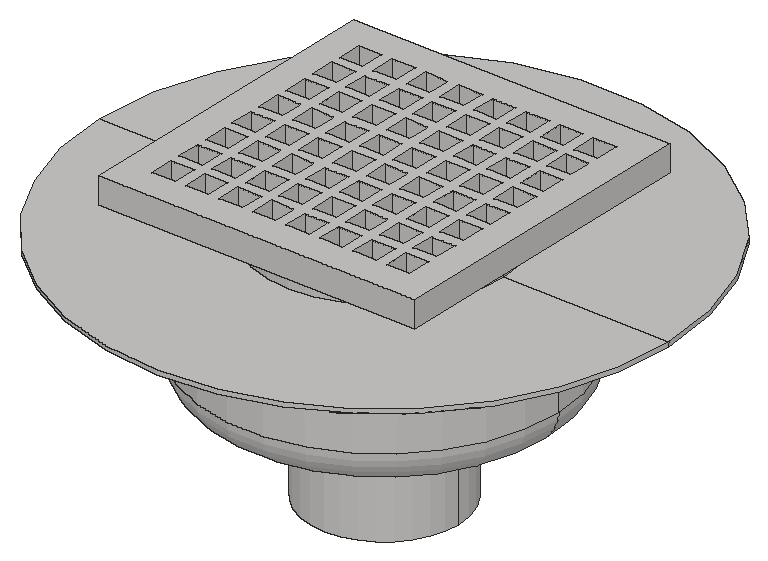
Revit family
Parameters (values of type "9600B05-02")
  Width = 9"
  Waste Connection Radius = 1"
  Waste Connection Diameter = Waste Connection Radius * 2  # 2"
  Waste Connection = yes
  Vent Connection = no
  URL = "www.jrsmith.com"
  Price = "Prices may vary. Please consult Manufacturer Representative for most up-to-date price list."  # constant formula
  Phone Number = "416-250-5656"  # constant formula
  Omniclass Table 23 Title = "Waste Water Drains"  # constant formula
  Omniclass Table 23 Code = "23.70.50.21.24"  # constant formula
  Nominal Height (1/2" min - 1-1/2" max) = 1"
  Model = "9600B05-2\""
  Material = Metal-Jay R Smith-Stainless Steel
  Masterformat Title = "Sanitary Drains"  # constant formula
  Masterformat Number = "22 13 19.13"  # constant formula
  Manufacturer = "Jay R. Smith"
  Length = Width  # 9"
  Height = 3 3/4"
  HW Connection = no
  Description = "General purpose floor drain with square adjustable strainer head for light duty use."
  Default Elevation = 0"
  Creation Date = "27/10/2014"  # constant formula
  Created By = "Allied Technical Services"  # constant formula
  CW Connection = no
  Assembly Code = "D2030300"
  ATS URL = "http://www.atsspec.net"
Types (4): name | Waste Connection Radius | Waste Connection Diameter | Model
  (no name) | 1" | 2" | "9600B05-2\""
  9600B05-02 | 1" | 2" | "9600B05-2\""
  9600B05-03 | 1 1/2" | 3" | "9600B05-3\""
  9600B05-04 | 2" | 4" | "9600B05-4\""
Reference planes (in)
  plane 1 "Center (Front/Back)": y = 0
  plane 2: z = 0
  plane 3 "Center (Left/Right)": x = 0
  plane 4: x = -4.5
  plane 5: x = 4.5
  plane 6: z = 3.75
  plane 7: x = -1
  plane 8: x = 1
  plane 9: z = 4.75
  plane 10: x = -2.5
  plane 11: x = 2.5
  plane 12: z = 4.4275
  plane 13: z = 4.34335
Forms (in)
  Revolve 1, solid, material "Metal-Jay R Smith-Stainless Steel" <- "Material"
    sketch origin (0, 0, 0) x (1, 0, 0) y (0, 0, 1)
      loop
        line (1, 0) -> (1.18, 0) -> (1.18, 1.56336) -> (2.22418, 1.56336)
        arc (2.22418, 1.56336) -> (2.59648, 1.74487) -> (2.75182, 2.12883) r 0.57812
        line (2.75182, 2.12883) -> (2.76561, 2.91907)
        arc (2.76561, 2.91907) -> (2.89178, 3.21261) -> (3.18748, 3.33358) r 0.42188
        line (3.18748, 3.33358) -> (3.89593, 3.33358) -> (4.5, 3.68234) -> (4.5, 3.75) -> (1.88476, 3.75) -> (1.88476, 4.4275) -> (1.743, 4.4275) -> (1.743, 3.41171) -> (2.69608, 3.41171) -> (2.67371, 2.13056)
        arc (2.67371, 2.13056) -> (2.54058, 1.79949) -> (2.22064, 1.64148) r 0.5
        line (2.22064, 1.64148) -> (1, 1.64148) -> (1, 0)
      axis (0, 0) -> (0, 4.4275)
    angle from 0 to 360
  Extrusion 2, solid, material "Metal-Jay R Smith-Stainless Steel" <- "Material"
    sketch origin (0, 0, 0) x (1, 0, 0) y (0, 1, 0)
      loop
        line (-1.5125, 2.0425) -> (-1.5125, 1.6675) -> (-1.1375, 1.6675) -> (-1.1375, 2.0425) -> (-1.5125, 2.0425)
      loop
        line (-1.1375, 1.1375) -> (-1.1375, 1.5125) -> (-1.5125, 1.5125) -> (-1.5125, 1.1375) -> (-1.1375, 1.1375)
      loop
        line (-1.1375, 0.6075) -> (-1.1375, 0.9825) -> (-1.5125, 0.9825) -> (-1.5125, 0.6075) -> (-1.1375, 0.6075)
      loop
        line (-1.1375, 0.0775) -> (-1.1375, 0.4525) -> (-1.5125, 0.4525) -> (-1.5125, 0.0775) -> (-1.1375, 0.0775)
      loop
        line (-0.9825, 2.0425) -> (-0.9825, 1.6675) -> (-0.6075, 1.6675) -> (-0.6075, 2.0425) -> (-0.9825, 2.0425)
      loop
        line (-0.6075, 1.1375) -> (-0.6075, 1.5125) -> (-0.9825, 1.5125) -> (-0.9825, 1.1375) -> (-0.6075, 1.1375)
      loop
        line (-0.6075, 0.6075) -> (-0.6075, 0.9825) -> (-0.9825, 0.9825) -> (-0.9825, 0.6075) -> (-0.6075, 0.6075)
      loop
        line (-0.6075, 0.0775) -> (-0.6075, 0.4525) -> (-0.9825, 0.4525) -> (-0.9825, 0.0775) -> (-0.6075, 0.0775)
      loop
        line (-0.4525, 2.0425) -> (-0.4525, 1.6675) -> (-0.0775, 1.6675) -> (-0.0775, 2.0425) -> (-0.4525, 2.0425)
      loop
        line (-0.0775, 1.1375) -> (-0.0775, 1.5125) -> (-0.4525, 1.5125) -> (-0.4525, 1.1375) -> (-0.0775, 1.1375)
      loop
        line (-0.0775, 0.6075) -> (-0.0775, 0.9825) -> (-0.4525, 0.9825) -> (-0.4525, 0.6075) -> (-0.0775, 0.6075)
      loop
        line (-0.0775, 0.0775) -> (-0.0775, 0.4525) -> (-0.4525, 0.4525) -> (-0.4525, 0.0775) -> (-0.0775, 0.0775)
      loop
        line (-2.0425, 2.0425) -> (-2.0425, 1.6675) -> (-1.6675, 1.6675) -> (-1.6675, 2.0425) -> (-2.0425, 2.0425)
      loop
        line (-1.6675, 1.1375) -> (-1.6675, 1.5125) -> (-2.0425, 1.5125) -> (-2.0425, 1.1375) -> (-1.6675, 1.1375)
      loop
        line (-1.6675, 0.6075) -> (-1.6675, 0.9825) -> (-2.0425, 0.9825) -> (-2.0425, 0.6075) -> (-1.6675, 0.6075)
      loop
        line (-1.6675, 0.0775) -> (-1.6675, 0.4525) -> (-2.0425, 0.4525) -> (-2.0425, 0.0775) -> (-1.6675, 0.0775)
      loop
        line (1.5125, 2.0425) -> (1.1375, 2.0425) -> (1.1375, 1.6675) -> (1.5125, 1.6675) -> (1.5125, 2.0425)
      loop
        line (1.1375, 1.1375) -> (1.5125, 1.1375) -> (1.5125, 1.5125) -> (1.1375, 1.5125) -> (1.1375, 1.1375)
      loop
        line (1.1375, 0.6075) -> (1.5125, 0.6075) -> (1.5125, 0.9825) -> (1.1375, 0.9825) -> (1.1375, 0.6075)
      loop
        line (1.1375, 0.0775) -> (1.5125, 0.0775) -> (1.5125, 0.4525) -> (1.1375, 0.4525) -> (1.1375, 0.0775)
      loop
        line (0.9825, 2.0425) -> (0.6075, 2.0425) -> (0.6075, 1.6675) -> (0.9825, 1.6675) -> (0.9825, 2.0425)
      loop
        line (0.6075, 1.1375) -> (0.9825, 1.1375) -> (0.9825, 1.5125) -> (0.6075, 1.5125) -> (0.6075, 1.1375)
      loop
        line (0.6075, 0.6075) -> (0.9825, 0.6075) -> (0.9825, 0.9825) -> (0.6075, 0.9825) -> (0.6075, 0.6075)
      loop
        line (0.6075, 0.0775) -> (0.9825, 0.0775) -> (0.9825, 0.4525) -> (0.6075, 0.4525) -> (0.6075, 0.0775)
      loop
        line (0.4525, 2.0425) -> (0.0775, 2.0425) -> (0.0775, 1.6675) -> (0.4525, 1.6675) -> (0.4525, 2.0425)
      loop
        line (0.0775, 1.1375) -> (0.4525, 1.1375) -> (0.4525, 1.5125) -> (0.0775, 1.5125) -> (0.0775, 1.1375)
      loop
        line (0.0775, 0.6075) -> (0.4525, 0.6075) -> (0.4525, 0.9825) -> (0.0775, 0.9825) -> (0.0775, 0.6075)
      loop
        line (0.0775, 0.0775) -> (0.4525, 0.0775) -> (0.4525, 0.4525) -> (0.0775, 0.4525) -> (0.0775, 0.0775)
      loop
        line (2.0425, 2.0425) -> (1.6675, 2.0425) -> (1.6675, 1.6675) -> (2.0425, 1.6675) -> (2.0425, 2.0425)
      loop
        line (1.6675, 1.1375) -> (2.0425, 1.1375) -> (2.0425, 1.5125) -> (1.6675, 1.5125) -> (1.6675, 1.1375)
      loop
        line (1.6675, 0.6075) -> (2.0425, 0.6075) -> (2.0425, 0.9825) -> (1.6675, 0.9825) -> (1.6675, 0.6075)
      loop
        line (1.6675, 0.0775) -> (2.0425, 0.0775) -> (2.0425, 0.4525) -> (1.6675, 0.4525) -> (1.6675, 0.0775)
      loop
        line (-1.5125, -2.0425) -> (-1.1375, -2.0425) -> (-1.1375, -1.6675) -> (-1.5125, -1.6675) -> (-1.5125, -2.0425)
      loop
        line (-1.1375, -1.1375) -> (-1.5125, -1.1375) -> (-1.5125, -1.5125) -> (-1.1375, -1.5125) -> (-1.1375, -1.1375)
      loop
        line (-1.1375, -0.6075) -> (-1.5125, -0.6075) -> (-1.5125, -0.9825) -> (-1.1375, -0.9825) -> (-1.1375, -0.6075)
      loop
        line (-1.1375, -0.0775) -> (-1.5125, -0.0775) -> (-1.5125, -0.4525) -> (-1.1375, -0.4525) -> (-1.1375, -0.0775)
      loop
        line (-0.9825, -2.0425) -> (-0.6075, -2.0425) -> (-0.6075, -1.6675) -> (-0.9825, -1.6675) -> (-0.9825, -2.0425)
      loop
        line (-0.6075, -1.1375) -> (-0.9825, -1.1375) -> (-0.9825, -1.5125) -> (-0.6075, -1.5125) -> (-0.6075, -1.1375)
      loop
        line (-0.6075, -0.6075) -> (-0.9825, -0.6075) -> (-0.9825, -0.9825) -> (-0.6075, -0.9825) -> (-0.6075, -0.6075)
      loop
        line (-0.6075, -0.0775) -> (-0.9825, -0.0775) -> (-0.9825, -0.4525) -> (-0.6075, -0.4525) -> (-0.6075, -0.0775)
      loop
        line (-0.4525, -2.0425) -> (-0.0775, -2.0425) -> (-0.0775, -1.6675) -> (-0.4525, -1.6675) -> (-0.4525, -2.0425)
      loop
        line (-0.0775, -1.1375) -> (-0.4525, -1.1375) -> (-0.4525, -1.5125) -> (-0.0775, -1.5125) -> (-0.0775, -1.1375)
      loop
        line (-0.0775, -0.6075) -> (-0.4525, -0.6075) -> (-0.4525, -0.9825) -> (-0.0775, -0.9825) -> (-0.0775, -0.6075)
      loop
        line (-0.0775, -0.0775) -> (-0.4525, -0.0775) -> (-0.4525, -0.4525) -> (-0.0775, -0.4525) -> (-0.0775, -0.0775)
      loop
        line (-2.0425, -2.0425) -> (-1.6675, -2.0425) -> (-1.6675, -1.6675) -> (-2.0425, -1.6675) -> (-2.0425, -2.0425)
      loop
        line (-1.6675, -1.1375) -> (-2.0425, -1.1375) -> (-2.0425, -1.5125) -> (-1.6675, -1.5125) -> (-1.6675, -1.1375)
      loop
        line (-1.6675, -0.6075) -> (-2.0425, -0.6075) -> (-2.0425, -0.9825) -> (-1.6675, -0.9825) -> (-1.6675, -0.6075)
      loop
        line (-1.6675, -0.0775) -> (-2.0425, -0.0775) -> (-2.0425, -0.4525) -> (-1.6675, -0.4525) -> (-1.6675, -0.0775)
      loop
        line (1.5125, -2.0425) -> (1.5125, -1.6675) -> (1.1375, -1.6675) -> (1.1375, -2.0425) -> (1.5125, -2.0425)
      loop
        line (1.1375, -1.1375) -> (1.1375, -1.5125) -> (1.5125, -1.5125) -> (1.5125, -1.1375) -> (1.1375, -1.1375)
      loop
        line (1.1375, -0.6075) -> (1.1375, -0.9825) -> (1.5125, -0.9825) -> (1.5125, -0.6075) -> (1.1375, -0.6075)
      loop
        line (1.1375, -0.0775) -> (1.1375, -0.4525) -> (1.5125, -0.4525) -> (1.5125, -0.0775) -> (1.1375, -0.0775)
      loop
        line (0.9825, -2.0425) -> (0.9825, -1.6675) -> (0.6075, -1.6675) -> (0.6075, -2.0425) -> (0.9825, -2.0425)
      loop
        line (0.6075, -1.1375) -> (0.6075, -1.5125) -> (0.9825, -1.5125) -> (0.9825, -1.1375) -> (0.6075, -1.1375)
      loop
        line (0.6075, -0.6075) -> (0.6075, -0.9825) -> (0.9825, -0.9825) -> (0.9825, -0.6075) -> (0.6075, -0.6075)
      loop
        line (0.6075, -0.0775) -> (0.6075, -0.4525) -> (0.9825, -0.4525) -> (0.9825, -0.0775) -> (0.6075, -0.0775)
      loop
        line (0.4525, -2.0425) -> (0.4525, -1.6675) -> (0.0775, -1.6675) -> (0.0775, -2.0425) -> (0.4525, -2.0425)
      loop
        line (0.0775, -1.1375) -> (0.0775, -1.5125) -> (0.4525, -1.5125) -> (0.4525, -1.1375) -> (0.0775, -1.1375)
      loop
        line (0.0775, -0.6075) -> (0.0775, -0.9825) -> (0.4525, -0.9825) -> (0.4525, -0.6075) -> (0.0775, -0.6075)
      loop
        line (0.0775, -0.0775) -> (0.0775, -0.4525) -> (0.4525, -0.4525) -> (0.4525, -0.0775) -> (0.0775, -0.0775)
      loop
        line (2.0425, -2.0425) -> (2.0425, -1.6675) -> (1.6675, -1.6675) -> (1.6675, -2.0425) -> (2.0425, -2.0425)
      loop
        line (1.6675, -1.1375) -> (1.6675, -1.5125) -> (2.0425, -1.5125) -> (2.0425, -1.1375) -> (1.6675, -1.1375)
      loop
        line (1.6675, -0.6075) -> (1.6675, -0.9825) -> (2.0425, -0.9825) -> (2.0425, -0.6075) -> (1.6675, -0.6075)
      loop
        line (1.6675, -0.0775) -> (1.6675, -0.4525) -> (2.0425, -0.4525) -> (2.0425, -0.0775) -> (1.6675, -0.0775)
      loop
        line (-2.5, 2.515) -> (-2.5, -2.515) -> (2.5, -2.515) -> (2.5, 2.515) -> (-2.5, 2.515)
    from 4.4275 to 4.75
  Extrusion 3, solid, material "Metal-Jay R Smith-Stainless Steel" <- "Material"
    sketch origin (-23.32738, -29.03898, 0) x (1, 0, 0) y (0, 1, 0)
      loop
        line (20.82738, 31.55398) -> (20.82738, 26.52398) -> (25.82738, 26.52398) -> (25.82738, 31.55398) -> (20.82738, 31.55398)
      loop
        circle (23.32738, 29.03898) r 1.743
    from 4.34335 to 4.4275
Cuts and joins
  joined: Extrusion 2, Extrusion 3
Dimensions and locks (in)
  "Height": plane 6 to plane 2
  "Waste Connection Diameter": plane 8 to plane 7
  "Width": plane 5 to plane 4
  equal spacing: plane 8, plane 3 "Center (Left/Right)", plane 7
  equal spacing: plane 5, plane 3 "Center (Left/Right)", plane 4
  "Nominal Height (1/2" min - 1-1/2" max)": plane 9 to plane 6
  locked: plane 11 to plane 10 at 5
  locked: plane 8 to Revolve 1 sketch curve at 0.18
  locked: plane 3 "Center (Left/Right)" to Revolve 1 sketch curve at 1.743
  locked: plane 9 to plane 12 at 0.3225
  locked: plane 12 to plane 13 at 0.08415
  aligned and locked: plane 8 to Revolve 1 sketch curve
  aligned and locked: Extrusion 3 to Revolve 1
  aligned and locked: Extrusion 2 to plane 12
  aligned and locked: plane 9 to Extrusion 2
  aligned and locked: Extrusion 3 to plane 13
  aligned and locked: plane 12 to Extrusion 3
Automatic sketch dimensions
  Revolve 1 sketch curve to Revolve 1 sketch curve = 0"  (x5)
  Revolve 1 sketch curve to plane 3 "Center (Left/Right)" = 0"
  Revolve 1 sketch curve to plane 6 = 0"
  Revolve 1 sketch curve to level = 0"
  Revolve 1 sketch curve to Revolve 1 sketch curve = 0.14176"
  plane 11 to Revolve 1 sketch curve = 0.32621"
  plane 11 to Revolve 1 sketch curve = 0.27936"
  Revolve 1 sketch curve to Revolve 1 sketch curve = 0.00354"
  Revolve 1 sketch curve to plane 11 = 0.17371"
  Revolve 1 sketch curve to plane 11 = 0.19608"
  Revolve 1 sketch curve to Revolve 1 sketch curve = 5/64"  (x2)
  Revolve 1 sketch curve to plane 11 = 17/64"
  Revolve 1 sketch curve to Revolve 1 sketch curve = 0.00006"
  Revolve 1 sketch curve to Revolve 1 sketch curve = 0.4914"
  plane 5 to Revolve 1 sketch curve = 0.60407"
  plane 5 to Revolve 1 sketch curve = 0"
  Revolve 1 sketch curve to level = 5.86427"
  Revolve 1 sketch curve to Revolve 1 sketch curve = 1/2"
  level to Revolve 1 sketch curve = 1.56336"
  Revolve 1 sketch curve to Revolve 1 sketch curve = 0.48735"
  Revolve 1 sketch curve to plane 6 = 0.83829"
  Revolve 1 sketch curve to Revolve 1 sketch curve = 0.00736"
  Revolve 1 sketch curve to plane 6 = 0.33829"
  Revolve 1 sketch curve to plane 6 = 0.06766"
  plane 5 to Extrusion 2 sketch curve = 7"
  Extrusion 2 sketch curve to Extrusion 2 sketch curve = 0.4575"  (x3)
  Extrusion 2 sketch curve to Extrusion 2 sketch curve = 0"  (x85)
  Extrusion 2 sketch curve to Extrusion 2 sketch curve = 3/8"  (x79)
  Extrusion 2 sketch curve to Extrusion 2 sketch curve = 0.155"  (x88)
  plane 1 "Center (Front/Back)" to Extrusion 2 sketch curve = 2.515"
  Extrusion 2 sketch curve to Extrusion 2 sketch curve = 0.4725"  (x3)
  Revolve 1 sketch curve to plane 9 = 0.3225"
  Extrusion 3 sketch curve to plane 10 = 0"
  plane 1 "Center (Front/Back)" to Extrusion 3 sketch curve = 0"
  Extrusion 3 sketch curve to plane 3 "Center (Left/Right)" = 0"
  Extrusion 3 sketch curve to plane 11 = 0"
  plane 1 "Center (Front/Back)" to Extrusion 3 sketch curve = 2.515"
  Extrusion 3 sketch curve to plane 1 "Center (Front/Back)" = 2.515"
  radius of Extrusion 3 sketch curve = 1.743"
Connectors (in)
  piping at (0, 0, 0), driven by "Waste Connection Radius"
    settings: on Revolve 1, index 1
